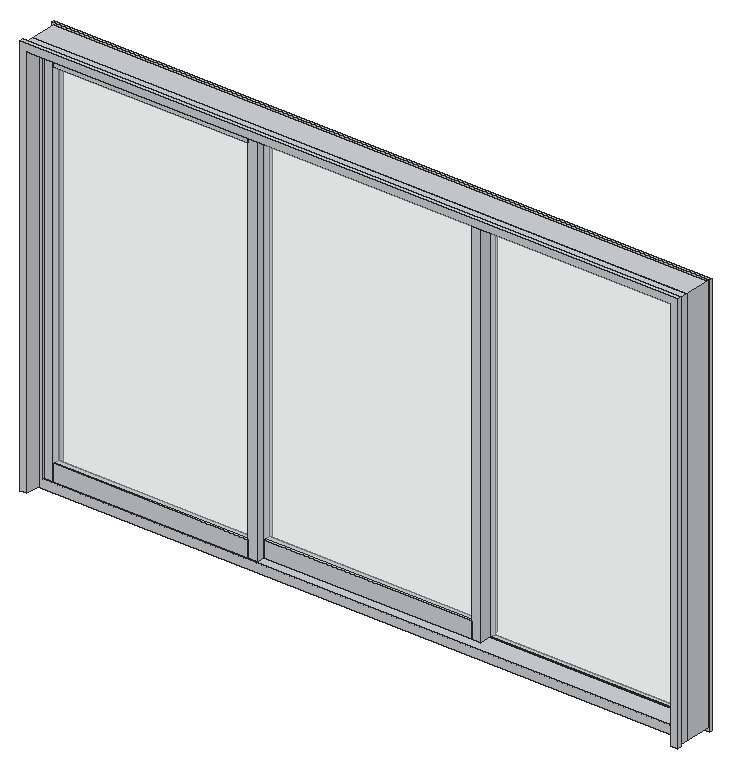
Revit family "APL Residential Thermal Heart Sliding Door SSF", category Doors, host Wall, Revit 2017 (continued)
Definition of nested family "APL Residential Thermal Heart Sliding Door SSF Vertical Section"
  Definition of nested family "Three Panel Sill"
    Lines and regions (mm)
      detail lines, in view "Ref. Level"
        curve 57: line (3.003, 75.8, 0) -> (3.003, 81.6, 0)
        curve 58: line (15.003, 81.6, 0) -> (3.503, 81.6, 0)
        curve 59: line (3.503, 81.6, 0) -> (3.003, 81.6, 0)
        curve 60: line (3.003, 81.6, 0) -> (3.003, 85.1, 0)
        curve 61: line (3.003, 85.1, 0) -> (4.003, 85.1, 0)
        curve 62: line (4.003, 85.1, 0) -> (4.003, 81.6, 0)
        curve 63: line (14.503, 81.6, 0) -> (14.503, 85.1, 0)
        curve 64: line (14.503, 85.1, 0) -> (15.503, 85.1, 0)
        curve 65: line (15.503, 85.1, 0) -> (15.503, 81.6, 0)
        curve 66: line (14.453, 84.69, 0) -> (14.453, 81.6, 0)
        curve 67: line (4.053, 84.69, 0) -> (4.053, 81.6, 0)
        curve 68: line (5.053, 81.6, 0) -> (5.053, 84.49, 0)
        curve 69: line (5.053, 84.49, 0) -> (5.053, 85.031, 0)
        curve 70: line (13.453, 81.6, 0) -> (13.453, 84.49, 0)
        curve 71: line (13.453, 84.49, 0) -> (13.453, 85.031, 0)
        curve 72: line (4.053, 84.69, 0) -> (4.053, 84.938, 0)
        curve 73: line (14.453, 84.69, 0) -> (14.453, 84.938, 0)
        curve 74: line (8.802, 56.231, 0) -> (8.694, 57.549, 0)
        curve 75: line (8.417, 60.937, 0) -> (8.309, 62.255, 0)
        curve 76: line (9.704, 62.37, 0) -> (9.812, 61.052, 0)
        curve 77: line (10.09, 57.663, 0) -> (10.198, 56.345, 0)
        curve 78: line (1.903, 80.3, 0) -> (1.903, 85.3, 0)
        curve 79: line (2.903, 86.3, 0) -> (15.603, 86.3, 0)
        curve 80: line (16.603, 85.3, 0) -> (16.603, 80.3, 0)
        curve 81: line (16.603, 80.3, 0) -> (15.603, 80.3, 0)
        curve 82: line (15.603, 80.3, 0) -> (15.603, 85, 0)
        curve 83: line (15.303, 85.3, 0) -> (3.203, 85.3, 0)
        curve 84: line (2.903, 85, 0) -> (2.903, 80.3, 0)
        curve 85: line (2.903, 80.3, 0) -> (1.903, 80.3, 0)
        curve 86: line (1.903, 80.3, 0) -> (1.903, 78.3, 0)
        curve 87: line (1.903, 78.3, 0) -> (1.903, 75.8, 0)
        curve 88: line (15.603, 80.3, 0) -> (15.603, 78.3, 0)
        curve 89: line (15.603, 78.3, 0) -> (16.603, 78.3, 0)
        curve 90: line (16.603, 78.3, 0) -> (16.603, 80.3, 0)
        curve 91: line (2.903, 80.3, 0) -> (2.903, 78.3, 0)
        curve 92: line (2.903, 78.3, 0) -> (1.903, 78.3, 0)
        curve 93: line (2.003, 51.3, 0) -> (16.603, 51.3, 0)
        curve 94: line (16.603, 51.3, 0) -> (16.603, 75.8, 0)
        curve 95: line (16.603, 75.8, 0) -> (2.003, 75.8, 0)
        curve 96: line (2.003, 75.8, 0) -> (2.003, 51.3, 0)
        curve 97: line (1.903, 51.3, 0) -> (1.903, 75.8, 0)
        curve 98: line (2.903, 78.3, 0) -> (2.903, 75.8, 0)
        curve 99: line (16.603, 78.3, 0) -> (16.603, 75.8, 0)
        curve 100: line (15.603, 78.3, 0) -> (15.603, 75.8, 0)
        curve 101: line (16.603, 74.8, 0) -> (17.703, 74.8, 0)
        curve 102: line (17.703, 74.8, 0) -> (17.703, 61.8, 0)
        curve 103: line (17.703, 61.8, 0) -> (16.603, 61.8, 0)
        curve 104: line (1.903, 61.8, 0) -> (0.803, 61.8, 0)
        curve 105: line (0.803, 61.8, 0) -> (0.803, 74.8, 0)
        curve 106: line (0.803, 74.8, 0) -> (1.903, 74.8, 0)
        curve 107: line (15.003, 51.3, 0) -> (15.003, 51.1, 0)
        curve 108: line (3.503, 51.1, 0) -> (3.503, 51.3, 0)
        curve 109: line (3.503, 75.8, 0) -> (3.503, 81.6, 0)
        curve 110: line (7.678, 43.404, 0) -> (7.678, 51.1, 0)
        curve 111: line (7.678, 81.6, 0) -> (7.678, 82.796, 0)
        curve 112: line (10.828, 82.796, 0) -> (10.828, 81.6, 0)
        curve 113: line (10.828, 51.1, 0) -> (10.828, 43.404, 0)
        curve 114: line (12.208, 60.245, 0) -> (13.526, 60.353, 0)
        curve 115: line (13.64, 58.957, 0) -> (12.323, 58.849, 0)
        curve 116: line (6.298, 58.356, 0) -> (4.981, 58.248, 0)
        curve 117: line (4.867, 59.643, 0) -> (6.184, 59.751, 0)
        curve 118: line (6.184, 59.751, 0) -> (7.502, 59.859, 0)
        curve 119: line (10.89, 60.137, 0) -> (12.208, 60.245, 0)
        curve 120: line (12.323, 58.849, 0) -> (11.005, 58.741, 0)
        curve 121: line (7.616, 58.464, 0) -> (6.298, 58.356, 0)
        curve 122: arc (6.298, 58.356, 0) -> (7.246, 56.935, 0) -> (8.802, 56.231, 0) r 3.102
        curve 123: arc (12.208, 60.245, 0) -> (11.261, 61.666, 0) -> (9.704, 62.37, 0) r 3.102
        curve 247: arc (-46.248, 44.356, 0) -> (-46.558, 44.496, 0) -> (-46.72, 44.197, 0) r 0.25
        curve 248: arc (-46.694, 34.309, 0) -> (-46.531, 34.01, 0) -> (-46.221, 34.15, 0) r 0.25
        curve 249: line (-46.72, 44.197, 0) -> (-45.726, 40.329, 0)
        curve 250: line (-45.726, 40.329, 0) -> (-46.729, 39.75, 0)
        curve 251: line (-46.729, 39.75, 0) -> (-46.729, 38.75, 0)
        curve 252: line (-46.729, 38.75, 0) -> (-45.704, 38.158, 0)
        curve 253: line (-45.704, 38.158, 0) -> (-46.694, 34.309, 0)
        curve 254: line (-46.221, 34.15, 0) -> (-44.497, 38.25, 0)
        curve 255: line (-44.497, 38.25, 0) -> (-43.229, 38.25, 0)
        curve 256: line (-43.229, 38.25, 0) -> (-43.229, 37, 0)
        curve 257: line (-43.229, 37, 0) -> (-42.229, 37, 0)
        curve 258: line (-42.229, 37, 0) -> (-42.229, 41.5, 0)
        curve 259: line (-42.229, 41.5, 0) -> (-43.229, 41.5, 0)
        curve 260: line (-43.229, 41.5, 0) -> (-43.229, 40.25, 0)
        curve 261: line (-43.229, 40.25, 0) -> (-44.521, 40.25, 0)
        curve 262: line (-44.521, 40.25, 0) -> (-46.248, 44.356, 0)
        curve 279: line (33.521, 34.861, 0) -> (27.771, 36.401, 0)
        curve 280: line (29.232, 36.01, 0) -> (33.521, 36.01, 0)
        curve 281: line (27.771, 36.85, 0) -> (33.521, 36.85, 0)
        curve 282: line (27.771, 37.69, 0) -> (33.521, 37.69, 0)
        curve 283: line (27.771, 38.61, 0) -> (33.521, 38.61, 0)
        curve 284: line (27.771, 39.45, 0) -> (33.521, 39.45, 0)
        curve 285: line (29.232, 40.29, 0) -> (33.521, 40.29, 0)
        curve 286: line (27.771, 39.899, 0) -> (33.521, 41.439, 0)
        curve 287: line (27.521, 34.7, 0) -> (27.521, 41.6, 0)
        curve 288: line (27.771, 41.6, 0) -> (27.771, 34.7, 0)
        curve 289: line (27.771, 34.7, 0) -> (27.271, 34.7, 0)
        curve 290: line (27.271, 34.7, 0) -> (27.271, 41.6, 0)
        curve 291: line (27.271, 41.6, 0) -> (27.771, 41.6, 0)
        curve 305: arc (62.603, 58.8, 0) -> (63.381, 59.122, 0) -> (63.703, 59.9, 0) r 1.1
        curve 306: arc (46.803, 59.899, 0) -> (47.126, 59.122, 0) -> (47.903, 58.8, 0) r 1.1
        curve 307: arc (63.703, 76.7, 0) -> (63.381, 77.478, 0) -> (62.603, 77.8, 0) r 1.1
        curve 308: arc (47.903, 77.8, 0) -> (47.125, 77.477, 0) -> (46.803, 76.699, 0) r 1.1
        curve 309: arc (62.603, 58.799, 0) -> (63.382, 59.121, 0) -> (63.703, 59.9, 0) r 1.1
        curve 310: arc (63.703, 76.702, 0) -> (63.381, 77.479, 0) -> (62.603, 77.802, 0) r 1.1
        curve 311: arc (53.678, 82.796, 0) -> (52.666, 82.818, 0) -> (52.153, 81.945, 0) r 1
        curve 312: arc (52.153, 44.255, 0) -> (52.666, 43.382, 0) -> (53.678, 43.404, 0) r 1
        curve 313: arc (58.353, 81.945, 0) -> (57.841, 82.818, 0) -> (56.828, 82.796, 0) r 1
        curve 314: arc (56.828, 43.404, 0) -> (57.841, 43.382, 0) -> (58.353, 44.255, 0) r 1
        curve 315: arc (53.678, 82.796, 0) -> (55.253, 82.35, 0) -> (56.828, 82.796, 0) r 3
        curve 316: arc (56.828, 43.404, 0) -> (55.253, 43.851, 0) -> (53.678, 43.404, 0) r 3
        curve 317: arc (51.253, 51, 0) -> (51.546, 50.293, 0) -> (52.253, 50, 0) r 1
        curve 318: arc (58.253, 50, 0) -> (58.96, 50.293, 0) -> (59.253, 51, 0) r 1
        curve 319: arc (60.453, 84.69, 0) -> (59.952, 84.595, 0) -> (59.453, 84.49, 0) r 26
        curve 320: arc (51.053, 84.49, 0) -> (50.554, 84.595, 0) -> (50.053, 84.69, 0) r 26
        curve 321: arc (51.053, 85.031, 0) -> (50.554, 85.062, 0) -> (50.053, 85.085, 0) r 26
        curve 322: arc (60.453, 85.085, 0) -> (59.953, 85.062, 0) -> (59.453, 85.031, 0) r 26
        curve 323: line (53.616, 58.464, 0) -> (54.694, 57.549, 0)
        curve 324: arc (54.309, 62.255, 0) -> (52.888, 61.307, 0) -> (52.184, 59.751, 0) r 3.102
        curve 325: line (53.502, 59.859, 0) -> (54.417, 60.937, 0)
        curve 326: line (56.89, 60.137, 0) -> (55.812, 61.052, 0)
        curve 327: arc (56.198, 56.345, 0) -> (57.619, 57.293, 0) -> (58.323, 58.849, 0) r 3.102
        curve 328: line (57.005, 58.741, 0) -> (56.09, 57.663, 0)
        curve 329: circle (55.253, 59.3, 0) r 4.4 normal (0, 0, 1)
        curve 330: arc (55.596, 63.684, 0) -> (54.894, 63.683, 0) -> (54.201, 63.57, 0) r 4.397
        curve 331: arc (54.91, 54.916, 0) -> (55.612, 54.918, 0) -> (56.305, 55.031, 0) r 4.397
        curve 332: line (54.309, 62.255, 0) -> (54.201, 63.57, 0)
        curve 333: line (55.596, 63.684, 0) -> (55.704, 62.37, 0)
        curve 334: line (56.198, 56.345, 0) -> (56.305, 55.031, 0)
        curve 335: line (54.91, 54.916, 0) -> (54.802, 56.231, 0)
        curve 336: arc (48.903, 86.3, 0) -> (48.196, 86.007, 0) -> (47.903, 85.3, 0) r 1
        curve 337: arc (62.603, 85.3, 0) -> (62.31, 86.007, 0) -> (61.603, 86.3, 0) r 1
        curve 338: arc (61.603, 85, 0) -> (61.515, 85.212, 0) -> (61.303, 85.3, 0) r 0.3
        curve 339: arc (49.203, 85.3, 0) -> (48.991, 85.212, 0) -> (48.903, 85, 0) r 0.3
        curve 340: line (63.703, 59.9, 0) -> (63.703, 61.8, 0)
        curve 341: line (46.803, 61.8, 0) -> (46.803, 59.899, 0)
        curve 342: line (63.703, 74.8, 0) -> (63.703, 76.7, 0)
        curve 343: line (46.803, 76.699, 0) -> (46.803, 74.8, 0)
        curve 344: line (63.703, 59.9, 0) -> (63.703, 61.8, 0)
        curve 345: line (46.803, 76.699, 0) -> (46.803, 74.8, 0)
        curve 346: line (52.153, 44.255, 0) -> (52.153, 51.1, 0)
        curve 347: line (52.153, 81.6, 0) -> (52.153, 81.945, 0)
        curve 348: line (58.353, 81.6, 0) -> (58.353, 81.945, 0)
        curve 349: line (58.353, 44.255, 0) -> (58.353, 51.1, 0)
        curve 350: line (46.803, 66.09, 0) -> (46.503, 66.09, 0)
        curve 351: line (46.503, 66.09, 0) -> (46.503, 60.11, 0)
        curve 352: line (46.503, 60.11, 0) -> (46.803, 60.11, 0)
        curve 353: line (49.003, 51.3, 0) -> (49.003, 51.1, 0)
        curve 354: line (49.003, 51.1, 0) -> (49.503, 51.1, 0)
        curve 355: line (49.503, 51.1, 0) -> (61.003, 51.1, 0)
        curve 356: line (61.003, 51.1, 0) -> (61.503, 51.1, 0)
        curve 357: line (61.503, 51.1, 0) -> (61.503, 51.3, 0)
        curve 358: line (61.503, 75.8, 0) -> (61.503, 81.6, 0)
        curve 359: line (61.503, 81.6, 0) -> (61.003, 81.6, 0)
        curve 360: line (61.003, 81.6, 0) -> (61.003, 75.8, 0)
        curve 361: line (49.003, 75.8, 0) -> (49.003, 81.6, 0)
        curve 362: line (61.003, 81.6, 0) -> (49.503, 81.6, 0)
        curve 363: line (49.503, 81.6, 0) -> (49.003, 81.6, 0)
        curve 364: line (49.003, 81.6, 0) -> (49.003, 85.1, 0)
        curve 365: line (49.003, 85.1, 0) -> (50.003, 85.1, 0)
        curve 366: line (50.003, 85.1, 0) -> (50.003, 81.6, 0)
        curve 367: line (60.503, 81.6, 0) -> (60.503, 85.1, 0)
        curve 368: line (60.503, 85.1, 0) -> (61.503, 85.1, 0)
        curve 369: line (61.503, 85.1, 0) -> (61.503, 81.6, 0)
        curve 370: line (60.453, 84.69, 0) -> (60.453, 81.6, 0)
        curve 371: line (50.053, 84.69, 0) -> (50.053, 81.6, 0)
        curve 372: line (51.053, 81.6, 0) -> (51.053, 84.49, 0)
        curve 373: line (51.053, 84.49, 0) -> (51.053, 85.031, 0)
        curve 374: line (59.453, 81.6, 0) -> (59.453, 84.49, 0)
        curve 375: line (59.453, 84.49, 0) -> (59.453, 85.031, 0)
        curve 376: line (50.053, 84.69, 0) -> (50.053, 84.938, 0)
        curve 377: line (60.453, 84.69, 0) -> (60.453, 84.938, 0)
        curve 378: line (54.802, 56.231, 0) -> (54.694, 57.549, 0)
        curve 379: line (54.417, 60.937, 0) -> (54.309, 62.255, 0)
        curve 380: line (55.704, 62.37, 0) -> (55.812, 61.052, 0)
        curve 381: line (56.09, 57.663, 0) -> (56.198, 56.345, 0)
        curve 382: line (47.903, 80.3, 0) -> (47.903, 85.3, 0)
        curve 383: line (48.903, 86.3, 0) -> (61.603, 86.3, 0)
        curve 384: line (62.603, 85.3, 0) -> (62.603, 80.3, 0)
        curve 385: line (62.603, 80.3, 0) -> (61.603, 80.3, 0)
        curve 386: line (61.603, 80.3, 0) -> (61.603, 85, 0)
        curve 387: line (61.303, 85.3, 0) -> (49.203, 85.3, 0)
        curve 388: line (48.903, 85, 0) -> (48.903, 80.3, 0)
        curve 389: line (48.903, 80.3, 0) -> (47.903, 80.3, 0)
        curve 390: line (47.903, 80.3, 0) -> (47.903, 78.3, 0)
        curve 391: line (47.903, 78.3, 0) -> (47.903, 75.8, 0)
        curve 392: line (61.603, 80.3, 0) -> (61.603, 78.3, 0)
        curve 393: line (61.603, 78.3, 0) -> (62.603, 78.3, 0)
        curve 394: line (62.603, 78.3, 0) -> (62.603, 80.3, 0)
        curve 395: line (48.903, 80.3, 0) -> (48.903, 78.3, 0)
        curve 396: line (48.903, 78.3, 0) -> (47.903, 78.3, 0)
        curve 397: line (48.003, 51.3, 0) -> (62.603, 51.3, 0)
        curve 398: line (62.603, 51.3, 0) -> (62.603, 75.8, 0)
        curve 399: line (62.603, 75.8, 0) -> (48.003, 75.8, 0)
        curve 400: line (48.003, 75.8, 0) -> (48.003, 51.3, 0)
        curve 401: line (47.903, 51.3, 0) -> (47.903, 75.8, 0)
        curve 402: line (48.903, 78.3, 0) -> (48.903, 75.8, 0)
        curve 403: line (62.603, 78.3, 0) -> (62.603, 75.8, 0)
        curve 404: line (61.603, 78.3, 0) -> (61.603, 75.8, 0)
        curve 405: line (62.603, 74.8, 0) -> (63.703, 74.8, 0)
        curve 406: line (63.703, 74.8, 0) -> (63.703, 61.8, 0)
        curve 407: line (63.703, 61.8, 0) -> (62.603, 61.8, 0)
        curve 408: line (47.903, 61.8, 0) -> (46.803, 61.8, 0)
        curve 409: line (46.803, 61.8, 0) -> (46.803, 74.8, 0)
        curve 410: line (46.803, 74.8, 0) -> (47.903, 74.8, 0)
        curve 411: line (61.003, 51.3, 0) -> (61.003, 51.1, 0)
        curve 412: line (49.503, 51.1, 0) -> (49.503, 51.3, 0)
        curve 413: line (49.503, 75.8, 0) -> (49.503, 81.6, 0)
        curve 414: line (53.678, 43.404, 0) -> (53.678, 51.1, 0)
        curve 415: line (53.678, 81.6, 0) -> (53.678, 82.796, 0)
        curve 416: line (56.828, 82.796, 0) -> (56.828, 81.6, 0)
        curve 417: line (56.828, 51.1, 0) -> (56.828, 43.404, 0)
        curve 418: line (58.208, 60.245, 0) -> (59.526, 60.353, 0)
        curve 419: line (59.64, 58.957, 0) -> (58.323, 58.849, 0)
        curve 420: line (52.298, 58.356, 0) -> (50.981, 58.248, 0)
        curve 421: line (50.867, 59.643, 0) -> (52.184, 59.751, 0)
        curve 422: line (52.184, 59.751, 0) -> (53.502, 59.859, 0)
        curve 423: line (56.89, 60.137, 0) -> (58.208, 60.245, 0)
        curve 424: line (58.323, 58.849, 0) -> (57.005, 58.741, 0)
        curve 425: line (53.616, 58.464, 0) -> (52.298, 58.356, 0)
        curve 426: arc (52.298, 58.356, 0) -> (53.246, 56.935, 0) -> (54.802, 56.231, 0) r 3.102
        curve 427: arc (58.208, 60.245, 0) -> (57.261, 61.666, 0) -> (55.704, 62.37, 0) r 3.102
        curve 428: line (65.821, 34.861, 0) -> (71.571, 36.401, 0)
        curve 429: line (70.11, 36.01, 0) -> (65.821, 36.01, 0)
        curve 430: line (71.571, 36.85, 0) -> (65.821, 36.85, 0)
        curve 431: line (71.571, 37.69, 0) -> (65.821, 37.69, 0)
        curve 432: line (71.571, 38.61, 0) -> (65.821, 38.61, 0)
        curve 433: line (71.571, 39.45, 0) -> (65.821, 39.45, 0)
        curve 434: line (70.11, 40.29, 0) -> (65.821, 40.29, 0)
        curve 435: line (71.571, 39.899, 0) -> (65.821, 41.439, 0)
        curve 436: line (71.821, 34.7, 0) -> (71.821, 41.6, 0)
        curve 437: line (71.571, 41.6, 0) -> (71.571, 34.7, 0)
        curve 438: line (71.571, 34.7, 0) -> (72.071, 34.7, 0)
        curve 439: line (72.071, 34.7, 0) -> (72.071, 41.6, 0)
        curve 440: line (72.071, 41.6, 0) -> (71.571, 41.6, 0)
        curve 441: line (19.421, 34.861, 0) -> (25.171, 36.401, 0)
        curve 442: line (23.71, 36.01, 0) -> (19.421, 36.01, 0)
        curve 443: line (25.171, 36.85, 0) -> (19.421, 36.85, 0)
        curve 444: line (25.171, 37.69, 0) -> (19.421, 37.69, 0)
        curve 445: line (25.171, 38.61, 0) -> (19.421, 38.61, 0)
        curve 446: line (25.171, 39.45, 0) -> (19.421, 39.45, 0)
        curve 447: line (23.71, 40.29, 0) -> (19.421, 40.29, 0)
        curve 448: line (25.171, 39.899, 0) -> (19.421, 41.439, 0)
        curve 449: line (25.421, 34.7, 0) -> (25.421, 41.6, 0)
        curve 450: line (25.171, 41.6, 0) -> (25.171, 34.7, 0)
        curve 451: line (25.171, 34.7, 0) -> (25.671, 34.7, 0)
        curve 452: line (25.671, 34.7, 0) -> (25.671, 41.6, 0)
        curve 453: line (25.671, 41.6, 0) -> (25.171, 41.6, 0)
        curve 454: line (-12.879, 34.861, 0) -> (-18.629, 36.401, 0)
        curve 455: line (-17.168, 36.01, 0) -> (-12.879, 36.01, 0)
        curve 456: line (-18.629, 36.85, 0) -> (-12.879, 36.85, 0)
        curve 457: line (-18.629, 37.69, 0) -> (-12.879, 37.69, 0)
        curve 458: line (-18.629, 38.61, 0) -> (-12.879, 38.61, 0)
        curve 459: line (-18.629, 39.45, 0) -> (-12.879, 39.45, 0)
        curve 460: line (-17.168, 40.29, 0) -> (-12.879, 40.29, 0)
        curve 461: line (-18.629, 39.899, 0) -> (-12.879, 41.439, 0)
        curve 462: line (-18.879, 34.7, 0) -> (-18.879, 41.6, 0)
        curve 463: line (-18.629, 41.6, 0) -> (-18.629, 34.7, 0)
        curve 464: line (-18.629, 34.7, 0) -> (-19.129, 34.7, 0)
        curve 465: line (-19.129, 34.7, 0) -> (-19.129, 41.6, 0)
        curve 466: line (-19.129, 41.6, 0) -> (-18.629, 41.6, 0)
      detail lines, in view "Ref. Level", not visible
        curve 124: arc (16.603, 57.797, 0) -> (17.381, 58.12, 0) -> (17.703, 58.897, 0) r 1.1
        curve 125: arc (0.803, 58.896, 0) -> (1.126, 58.119, 0) -> (1.903, 57.797, 0) r 1.1
        curve 126: arc (17.703, 75.697, 0) -> (17.381, 76.475, 0) -> (16.603, 76.797, 0) r 1.1
        curve 127: arc (1.903, 76.797, 0) -> (1.125, 76.475, 0) -> (0.803, 75.696, 0) r 1.1
        curve 128: arc (16.603, 57.796, 0) -> (17.382, 58.119, 0) -> (17.703, 58.897, 0) r 1.1
        curve 129: arc (17.703, 75.699, 0) -> (17.381, 76.477, 0) -> (16.603, 76.799, 0) r 1.1
        curve 130: arc (7.678, 81.793, 0) -> (6.666, 81.816, 0) -> (6.153, 80.942, 0) r 1
        curve 131: arc (6.153, 43.252, 0) -> (6.666, 42.379, 0) -> (7.678, 42.401, 0) r 1
        curve 132: arc (12.353, 80.942, 0) -> (11.841, 81.816, 0) -> (10.828, 81.793, 0) r 1
        curve 133: arc (10.828, 42.401, 0) -> (11.841, 42.379, 0) -> (12.353, 43.252, 0) r 1
        curve 134: arc (7.678, 81.793, 0) -> (9.253, 81.347, 0) -> (10.828, 81.793, 0) r 3
        curve 135: arc (10.828, 42.401, 0) -> (9.253, 42.848, 0) -> (7.678, 42.401, 0) r 3
        curve 136: arc (5.253, 49.997, 0) -> (5.546, 49.29, 0) -> (6.253, 48.997, 0) r 1
        curve 137: arc (12.253, 48.997, 0) -> (12.96, 49.29, 0) -> (13.253, 49.997, 0) r 1
        curve 138: arc (14.453, 83.687, 0) -> (13.952, 83.592, 0) -> (13.453, 83.487, 0) r 26
        curve 139: arc (5.053, 83.487, 0) -> (4.554, 83.592, 0) -> (4.053, 83.687, 0) r 26
        curve 140: arc (5.053, 84.028, 0) -> (4.554, 84.06, 0) -> (4.053, 84.082, 0) r 26
        curve 141: arc (14.453, 84.082, 0) -> (13.953, 84.06, 0) -> (13.453, 84.028, 0) r 26
        curve 142: line (7.616, 57.461, 0) -> (8.694, 56.546, 0)
        curve 143: arc (8.309, 61.253, 0) -> (6.888, 60.305, 0) -> (6.184, 58.748, 0) r 3.102
        curve 144: line (7.502, 58.856, 0) -> (8.417, 59.935, 0)
        curve 145: line (10.89, 59.134, 0) -> (9.812, 60.049, 0)
        curve 146: arc (10.198, 55.342, 0) -> (11.619, 56.29, 0) -> (12.323, 57.847, 0) r 3.102
        curve 147: line (11.005, 57.739, 0) -> (10.09, 56.66, 0)
        curve 148: circle (9.253, 58.297, 0) r 4.4 normal (0, 0, 1)
        curve 149: arc (9.596, 62.681, 0) -> (8.894, 62.68, 0) -> (8.201, 62.567, 0) r 4.397
        curve 150: arc (8.91, 53.914, 0) -> (9.612, 53.915, 0) -> (10.305, 54.028, 0) r 4.397
        curve 151: line (8.309, 61.253, 0) -> (8.201, 62.567, 0)
        curve 152: line (9.596, 62.681, 0) -> (9.704, 61.367, 0)
        curve 153: line (10.198, 55.342, 0) -> (10.305, 54.028, 0)
        curve 154: line (8.91, 53.914, 0) -> (8.802, 55.228, 0)
        curve 155: arc (2.903, 85.297, 0) -> (2.196, 85.004, 0) -> (1.903, 84.297, 0) r 1
        curve 156: arc (16.603, 84.297, 0) -> (16.31, 85.004, 0) -> (15.603, 85.297, 0) r 1
        curve 157: arc (15.603, 83.997, 0) -> (15.515, 84.209, 0) -> (15.303, 84.297, 0) r 0.3
        curve 158: arc (3.203, 84.297, 0) -> (2.991, 84.209, 0) -> (2.903, 83.997, 0) r 0.3
        curve 159: line (17.703, 58.897, 0) -> (17.703, 60.797, 0)
        curve 160: line (0.803, 60.797, 0) -> (0.803, 58.896, 0)
        curve 161: line (17.703, 73.797, 0) -> (17.703, 75.697, 0)
        curve 162: line (0.803, 75.696, 0) -> (0.803, 73.797, 0)
        curve 163: line (17.703, 58.897, 0) -> (17.703, 60.797, 0)
        curve 164: line (0.803, 75.696, 0) -> (0.803, 73.797, 0)
        curve 165: line (6.153, 43.252, 0) -> (6.153, 50.097, 0)
        curve 166: line (6.153, 80.597, 0) -> (6.153, 80.942, 0)
        curve 167: line (12.353, 80.597, 0) -> (12.353, 80.942, 0)
        curve 168: line (12.353, 43.252, 0) -> (12.353, 50.097, 0)
        curve 169: line (0.803, 65.087, 0) -> (0.503, 65.087, 0)
        curve 170: line (0.503, 65.087, 0) -> (0.503, 59.107, 0)
        curve 171: line (0.503, 59.107, 0) -> (0.803, 59.107, 0)
        curve 172: line (3.003, 50.297, 0) -> (3.003, 50.097, 0)
        curve 173: line (3.003, 50.097, 0) -> (3.503, 50.097, 0)
        curve 174: line (3.503, 50.097, 0) -> (15.003, 50.097, 0)
        curve 175: line (15.003, 50.097, 0) -> (15.503, 50.097, 0)
        curve 176: line (15.503, 50.097, 0) -> (15.503, 50.297, 0)
        curve 177: line (15.503, 74.797, 0) -> (15.503, 80.597, 0)
        curve 178: line (15.503, 80.597, 0) -> (15.003, 80.597, 0)
        curve 179: line (15.003, 80.597, 0) -> (15.003, 74.797, 0)
        curve 180: line (3.003, 74.797, 0) -> (3.003, 80.597, 0)
        curve 181: line (15.003, 80.597, 0) -> (3.503, 80.597, 0)
        curve 182: line (3.503, 80.597, 0) -> (3.003, 80.597, 0)
        curve 183: line (3.003, 80.597, 0) -> (3.003, 84.097, 0)
        curve 184: line (3.003, 84.097, 0) -> (4.003, 84.097, 0)
        curve 185: line (4.003, 84.097, 0) -> (4.003, 80.597, 0)
        curve 186: line (14.503, 80.597, 0) -> (14.503, 84.097, 0)
        curve 187: line (14.503, 84.097, 0) -> (15.503, 84.097, 0)
        curve 188: line (15.503, 84.097, 0) -> (15.503, 80.597, 0)
        curve 189: line (14.453, 83.687, 0) -> (14.453, 80.597, 0)
        curve 190: line (4.053, 83.687, 0) -> (4.053, 80.597, 0)
        curve 191: line (5.053, 80.597, 0) -> (5.053, 83.487, 0)
        curve 192: line (5.053, 83.487, 0) -> (5.053, 84.028, 0)
        curve 193: line (13.453, 80.597, 0) -> (13.453, 83.487, 0)
        curve 194: line (13.453, 83.487, 0) -> (13.453, 84.028, 0)
        curve 195: line (4.053, 83.687, 0) -> (4.053, 83.935, 0)
        curve 196: line (14.453, 83.687, 0) -> (14.453, 83.935, 0)
        curve 197: line (8.802, 55.228, 0) -> (8.694, 56.546, 0)
        curve 198: line (8.417, 59.935, 0) -> (8.309, 61.253, 0)
        curve 199: line (9.704, 61.367, 0) -> (9.812, 60.049, 0)
        curve 200: line (10.09, 56.66, 0) -> (10.198, 55.342, 0)
        curve 201: line (1.903, 79.297, 0) -> (1.903, 84.297, 0)
        curve 202: line (2.903, 85.297, 0) -> (15.603, 85.297, 0)
        curve 203: line (16.603, 84.297, 0) -> (16.603, 79.297, 0)
        curve 204: line (16.603, 79.297, 0) -> (15.603, 79.297, 0)
        curve 205: line (15.603, 79.297, 0) -> (15.603, 83.997, 0)
        curve 206: line (15.303, 84.297, 0) -> (3.203, 84.297, 0)
        curve 207: line (2.903, 83.997, 0) -> (2.903, 79.297, 0)
        curve 208: line (2.903, 79.297, 0) -> (1.903, 79.297, 0)
        curve 209: line (1.903, 79.297, 0) -> (1.903, 77.297, 0)
        curve 210: line (1.903, 77.297, 0) -> (1.903, 74.797, 0)
        curve 211: line (15.603, 79.297, 0) -> (15.603, 77.297, 0)
        curve 212: line (15.603, 77.297, 0) -> (16.603, 77.297, 0)
        curve 213: line (16.603, 77.297, 0) -> (16.603, 79.297, 0)
        curve 214: line (2.903, 79.297, 0) -> (2.903, 77.297, 0)
        curve 215: line (2.903, 77.297, 0) -> (1.903, 77.297, 0)
        curve 216: line (2.003, 50.297, 0) -> (16.603, 50.297, 0)
        curve 217: line (16.603, 50.297, 0) -> (16.603, 74.797, 0)
        curve 218: line (16.603, 74.797, 0) -> (2.003, 74.797, 0)
        curve 219: line (2.003, 74.797, 0) -> (2.003, 50.297, 0)
        curve 220: line (1.903, 50.297, 0) -> (1.903, 74.797, 0)
        curve 221: line (2.903, 77.297, 0) -> (2.903, 74.797, 0)
        curve 222: line (16.603, 77.297, 0) -> (16.603, 74.797, 0)
        curve 223: line (15.603, 77.297, 0) -> (15.603, 74.797, 0)
        curve 224: line (16.603, 73.797, 0) -> (17.703, 73.797, 0)
        curve 225: line (17.703, 73.797, 0) -> (17.703, 60.797, 0)
        curve 226: line (17.703, 60.797, 0) -> (16.603, 60.797, 0)
        curve 227: line (1.903, 60.797, 0) -> (0.803, 60.797, 0)
        curve 228: line (0.803, 60.797, 0) -> (0.803, 73.797, 0)
        curve 229: line (0.803, 73.797, 0) -> (1.903, 73.797, 0)
        curve 230: line (15.003, 50.297, 0) -> (15.003, 50.097, 0)
        curve 231: line (3.503, 50.097, 0) -> (3.503, 50.297, 0)
        curve 232: line (3.503, 74.797, 0) -> (3.503, 80.597, 0)
        curve 233: line (7.678, 42.401, 0) -> (7.678, 50.097, 0)
        curve 234: line (7.678, 80.597, 0) -> (7.678, 81.793, 0)
        curve 235: line (10.828, 81.793, 0) -> (10.828, 80.597, 0)
        curve 236: line (10.828, 50.097, 0) -> (10.828, 42.401, 0)
        curve 237: line (12.208, 59.242, 0) -> (13.526, 59.35, 0)
        curve 238: line (13.64, 57.954, 0) -> (12.323, 57.847, 0)
        curve 239: line (6.298, 57.353, 0) -> (4.981, 57.245, 0)
        curve 240: line (4.867, 58.64, 0) -> (6.184, 58.748, 0)
        curve 241: line (6.184, 58.748, 0) -> (7.502, 58.856, 0)
        curve 242: line (10.89, 59.134, 0) -> (12.208, 59.242, 0)
        curve 243: line (12.323, 57.847, 0) -> (11.005, 57.739, 0)
        curve 244: line (7.616, 57.461, 0) -> (6.298, 57.353, 0)
        curve 245: arc (6.298, 57.353, 0) -> (7.246, 55.932, 0) -> (8.802, 55.228, 0) r 3.102
        curve 246: arc (12.208, 59.242, 0) -> (11.261, 60.663, 0) -> (9.704, 61.367, 0) r 3.102
        curve 263: arc (-46.248, 44.356, 0) -> (-46.558, 44.496, 0) -> (-46.72, 44.197, 0) r 0.25
        curve 264: arc (-46.694, 34.309, 0) -> (-46.531, 34.01, 0) -> (-46.221, 34.15, 0) r 0.25
        curve 265: line (-46.72, 44.197, 0) -> (-45.726, 40.329, 0)
        curve 266: line (-45.726, 40.329, 0) -> (-46.729, 39.75, 0)
        curve 267: line (-46.729, 39.75, 0) -> (-46.729, 38.75, 0)
        curve 268: line (-46.729, 38.75, 0) -> (-45.704, 38.158, 0)
        curve 269: line (-45.704, 38.158, 0) -> (-46.694, 34.309, 0)
        curve 270: line (-46.221, 34.15, 0) -> (-44.497, 38.25, 0)
        curve 271: line (-44.497, 38.25, 0) -> (-43.229, 38.25, 0)
        curve 272: line (-43.229, 38.25, 0) -> (-43.229, 37, 0)
        curve 273: line (-43.229, 37, 0) -> (-42.229, 37, 0)
        curve 274: line (-42.229, 37, 0) -> (-42.229, 41.5, 0)
        curve 275: line (-42.229, 41.5, 0) -> (-43.229, 41.5, 0)
        curve 276: line (-43.229, 41.5, 0) -> (-43.229, 40.25, 0)
        curve 277: line (-43.229, 40.25, 0) -> (-44.521, 40.25, 0)
        curve 278: line (-44.521, 40.25, 0) -> (-46.248, 44.356, 0)
        curve 292: line (101.764, -41.439, 0) -> (107.514, -39.899, 0)
        curve 293: line (106.053, -40.29, 0) -> (101.764, -40.29, 0)
        curve 294: line (107.514, -39.45, 0) -> (101.764, -39.45, 0)
        curve 295: line (107.514, -38.61, 0) -> (101.764, -38.61, 0)
        curve 296: line (107.514, -37.69, 0) -> (101.764, -37.69, 0)
        curve 297: line (107.514, -36.85, 0) -> (101.764, -36.85, 0)
        curve 298: line (106.053, -36.01, 0) -> (101.764, -36.01, 0)
        curve 299: line (107.514, -36.401, 0) -> (101.764, -34.861, 0)
        curve 300: line (107.764, -41.6, 0) -> (107.764, -34.7, 0)
        curve 301: line (107.514, -34.7, 0) -> (107.514, -41.6, 0)
        curve 302: line (107.514, -41.6, 0) -> (108.014, -41.6, 0)
        curve 303: line (108.014, -41.6, 0) -> (108.014, -34.7, 0)
        curve 304: line (108.014, -34.7, 0) -> (107.514, -34.7, 0)
    Dimensions and locks
      nested 1 to nested 2 = 17.8 mm
    Nested families
      nested 1: "65596_Track" at (9.171, 14.2, 0), type "65596_Track", in view "Ref. Level"
      nested 2: "65470_Door Sill Rail" at (-13.029, 33.8, 0), type "65470_Door Sill Rail", in view "Ref. Level"
      nested 3: "65390_Frame Sill" at (-87.029, 0, 0), type "65390_Frame Sill", in view "Ref. Level"
      nested 4: "65596_Track" at (55.171, 14.2, 0), type "65596_Track", in view "Ref. Level"
      nested 5: "65470_Door Sill Rail" at (32.971, 33.8, 0), type "65470_Door Sill Rail", in view "Ref. Level"
    Definition of nested family "65596_Track"
      Reference planes
        plane 1 "Center (Front/Back)": y = 0
        plane 2: z = 0
        plane 3 "Center (Left/Right)": x = 0
      Lines and regions (mm)
        detail lines, in view "Ref. Level"
          curve 1: arc (-1.2, 1.8, 0) -> (-1.059, 1.859, 0) -> (-1, 2, 0) r 0.2
          curve 2: arc (-1, 22.438, 0) -> (-1.623, 23.888, 0) -> (-3.105, 24.435, 0) r 2
          curve 3: arc (-17.186, 23.697, 0) -> (-17.523, 23.542, 0) -> (-17.66, 23.198, 0) r 0.5
          curve 4: arc (-17.66, 18.846, 0) -> (-18.14, 16.435, 0) -> (-19.505, 14.392, 0) r 6.3
          curve 5: arc (-21.85, 12.046, 0) -> (-22.77, 12.046, 0) -> (-22.77, 12.966, 0) r 0.65
          curve 6: arc (-20.424, 15.311, 0) -> (-19.341, 16.933, 0) -> (-18.96, 18.846, 0) r 5
          curve 7: arc (-18.96, 24.932, 0) -> (-18.823, 25.276, 0) -> (-18.486, 25.431, 0) r 0.5
          curve 8: arc (-2.589, 26.264, 0) -> (-2.456, 26.325, 0) -> (-2.399, 26.459, 0) r 0.2
          curve 9: arc (-2.399, 26.459, 0) -> (0, 28.8, 0) -> (2.399, 26.459, 0) r 2.4
          curve 10: arc (2.399, 26.459, 0) -> (2.456, 26.325, 0) -> (2.589, 26.264, 0) r 0.2
          curve 11: arc (6.566, 26.056, 0) -> (6.903, 25.901, 0) -> (7.04, 25.557, 0) r 0.5
          curve 12: arc (7.04, 18.846, 0) -> (7.421, 16.933, 0) -> (8.504, 15.311, 0) r 5
          curve 13: arc (10.85, 12.966, 0) -> (10.85, 12.046, 0) -> (9.93, 12.046, 0) r 0.65
          curve 14: arc (7.585, 14.392, 0) -> (6.22, 16.435, 0) -> (5.74, 18.846, 0) r 6.3
          curve 15: arc (5.74, 23.822, 0) -> (5.603, 24.166, 0) -> (5.266, 24.322, 0) r 0.5
          curve 16: arc (3.105, 24.435, 0) -> (1.623, 23.888, 0) -> (1, 22.438, 0) r 2
          curve 17: arc (1, 2, 0) -> (1.059, 1.859, 0) -> (1.2, 1.8, 0) r 0.2
          curve 18: arc (10.59, 0, 0) -> (10.449, 0.059, 0) -> (10.39, 0.2, 0) r 0.2
          curve 19: arc (10.39, 1.6, 0) -> (10.331, 1.741, 0) -> (10.19, 1.8, 0) r 0.2
          curve 20: arc (-8.81, 1.8, 0) -> (-8.951, 1.741, 0) -> (-9.01, 1.6, 0) r 0.2
          curve 21: arc (-9.01, -1.3, 0) -> (-8.951, -1.441, 0) -> (-8.81, -1.5, 0) r 0.2
          curve 22: arc (-7.41, -1.5, 0) -> (-7.269, -1.441, 0) -> (-7.21, -1.3, 0) r 0.2
          curve 23: arc (-7.21, -0.2, 0) -> (-7.151, -0.059, 0) -> (-7.01, 0, 0) r 0.2
          curve 24: arc (8.715, 0, 0) -> (9.001, -0.089, 0) -> (9.185, -0.325, 0) r 0.5
          curve 25: arc (9.185, -0.325, 0) -> (9.735, -1.032, 0) -> (10.59, -1.3, 0) r 1.5
          curve 26: arc (11.89, -1.3, 0) -> (12.597, -1.007, 0) -> (12.89, -0.3, 0) r 1
          curve 27: arc (12.89, -0.2, 0) -> (12.831, -0.059, 0) -> (12.69, 0, 0) r 0.2
          curve 28: line (1, 6.8, 0) -> (-1, 6.8, 0)
          curve 29: line (-1, 2, 0) -> (-1, 22.438, 0)
          curve 30: line (-3.105, 24.435, 0) -> (-17.186, 23.697, 0)
          curve 31: line (-17.66, 23.198, 0) -> (-17.66, 18.846, 0)
          curve 32: line (-19.505, 14.392, 0) -> (-21.85, 12.046, 0)
          curve 33: line (-22.77, 12.966, 0) -> (-20.424, 15.311, 0)
          curve 34: line (-18.96, 18.846, 0) -> (-18.96, 24.932, 0)
          curve 35: line (-18.486, 25.431, 0) -> (-2.589, 26.264, 0)
          curve 36: line (2.589, 26.264, 0) -> (6.566, 26.056, 0)
          curve 37: line (7.04, 25.557, 0) -> (7.04, 18.846, 0)
          curve 38: line (8.504, 15.311, 0) -> (10.85, 12.966, 0)
          curve 39: line (9.93, 12.046, 0) -> (7.585, 14.392, 0)
          curve 40: line (5.74, 18.846, 0) -> (5.74, 23.822, 0)
          curve 41: line (5.266, 24.322, 0) -> (3.105, 24.435, 0)
          curve 42: line (1, 22.438, 0) -> (1, 2, 0)
          curve 43: line (10.39, 0.2, 0) -> (10.39, 1.6, 0)
          curve 44: line (10.19, 1.8, 0) -> (-8.81, 1.8, 0)
          curve 45: line (-9.01, 1.6, 0) -> (-9.01, -1.3, 0)
          curve 46: line (-8.81, -1.5, 0) -> (-7.41, -1.5, 0)
          curve 47: line (-7.21, -1.3, 0) -> (-7.21, -0.2, 0)
          curve 48: line (-7.01, 0, 0) -> (8.715, 0, 0)
          curve 49: line (10.59, -1.3, 0) -> (11.89, -1.3, 0)
          curve 50: line (12.69, 0, 0) -> (10.59, 0, 0)
      Text (mm)
        text "65596" at (20.379, 15.04, 0), in view "Ref. Level"
    Definition of nested family "65470_Door Sill Rail"
      Reference planes
        plane 1 "Center (Front/Back)": y = 0
        plane 2: z = 0
        plane 3 "Center (Left/Right)": x = 0
      Lines and regions (mm)
        detail lines, in view "Ref. Level"
          curve 1: arc (2.879, 58.956, 0) -> (2.804, 58.989, 0) -> (2.723, 59, 0) r 0.3
          curve 2: arc (2.202, 59, 0) -> (2.044, 58.922, 0) -> (2.008, 58.75, 0) r 0.2
          curve 3: arc (2.202, 54.747, 0) -> (2.176, 54.625, 0) -> (2.102, 54.524, 0) r 0.3
          curve 4: arc (2.102, 54.524, 0) -> (2.022, 54.193, 0) -> (2.302, 54, 0) r 0.3
          curve 5: arc (4.523, 54.543, 0) -> (4.612, 54.595, 0) -> (4.664, 54.684, 0) r 0.2
          curve 6: arc (4.709, 54.852, 0) -> (4.85, 54.993, 0) -> (5.043, 54.941, 0) r 0.2
          curve 7: arc (5.407, 54.578, 0) -> (5.467, 54.492, 0) -> (5.494, 54.392, 0) r 0.3
          curve 8: arc (5.701, 52.026, 0) -> (5.585, 51.762, 0) -> (5.299, 51.718, 0) r 0.3
          curve 9: arc (3.889, 52.231, 0) -> (3.763, 52.319, 0) -> (3.697, 52.457, 0) r 0.3
          curve 10: arc (3.697, 52.457, 0) -> (3.424, 52.699, 0) -> (3.119, 52.5, 0) r 0.3
          curve 11: arc (2.3, 52.5, 0) -> (1.946, 52.353, 0) -> (1.8, 52, 0) r 0.5
          curve 12: arc (1.8, 46.697, 0) -> (1.86, 46.557, 0) -> (2, 46.5, 0) r 0.2
          curve 13: arc (3, 46.5, 0) -> (3.141, 46.441, 0) -> (3.2, 46.3, 0) r 0.2
          curve 14: arc (3.2, 45.2, 0) -> (3.141, 45.058, 0) -> (3, 45, 0) r 0.2
          curve 15: arc (2, 45, 0) -> (1.86, 44.942, 0) -> (1.8, 44.803, 0) r 0.2
          curve 16: arc (1.8, 30.197, 0) -> (1.86, 30.057, 0) -> (2, 30, 0) r 0.2
          curve 17: arc (3, 30, 0) -> (3.141, 29.941, 0) -> (3.2, 29.8, 0) r 0.2
          curve 18: arc (3.2, 28.7, 0) -> (3.141, 28.558, 0) -> (3, 28.5, 0) r 0.2
          curve 19: arc (2, 28.5, 0) -> (1.86, 28.442, 0) -> (1.8, 28.303, 0) r 0.2
          curve 20: arc (1.8, 0.2, 0) -> (1.741, 0.059, 0) -> (1.6, 0, 0) r 0.2
          curve 21: arc (0.5, 0, 0) -> (0.146, 0.146, 0) -> (0, 0.5, 0) r 0.5
          curve 22: arc (0, 99.8, 0) -> (0.059, 99.942, 0) -> (0.2, 100, 0) r 0.2
          curve 23: arc (3.002, 100, 0) -> (3.143, 99.942, 0) -> (3.202, 99.8, 0) r 0.2
          curve 24: arc (3.202, 98.37, 0) -> (3.143, 98.229, 0) -> (3.002, 98.17, 0) r 0.2
          curve 25: arc (2.402, 98.17, 0) -> (2.261, 98.229, 0) -> (2.202, 98.37, 0) r 0.2
          curve 26: arc (2.202, 98.72, 0) -> (2.143, 98.862, 0) -> (2.002, 98.92, 0) r 0.2
          curve 27: arc (1.402, 98.92, 0) -> (1.261, 98.862, 0) -> (1.202, 98.72, 0) r 0.2
          curve 28: arc (1.202, 95.62, 0) -> (1.261, 95.479, 0) -> (1.402, 95.42, 0) r 0.2
          curve 29: arc (2.002, 95.42, 0) -> (2.143, 95.479, 0) -> (2.202, 95.62, 0) r 0.2
          curve 30: arc (2.202, 95.97, 0) -> (2.261, 96.112, 0) -> (2.402, 96.17, 0) r 0.2
          curve 31: arc (3.002, 96.17, 0) -> (3.143, 96.112, 0) -> (3.202, 95.97, 0) r 0.2
          curve 32: arc (3.202, 92.87, 0) -> (3.143, 92.729, 0) -> (3.002, 92.67, 0) r 0.2
          curve 33: arc (1.6, 92.67, 0) -> (1.459, 92.612, 0) -> (1.4, 92.47, 0) r 0.2
          curve 34: arc (1.644, 81.94, 0) -> (1.956, 81.272, 0) -> (2.642, 81, 0) r 1
          curve 35: arc (3.119, 81, 0) -> (3.424, 80.801, 0) -> (3.697, 81.044, 0) r 0.3
          curve 36: arc (3.697, 81.044, 0) -> (3.763, 81.181, 0) -> (3.889, 81.269, 0) r 0.3
          curve 37: arc (5.299, 81.782, 0) -> (5.585, 81.738, 0) -> (5.701, 81.474, 0) r 0.3
          curve 38: arc (5.494, 79.109, 0) -> (5.467, 79.008, 0) -> (5.407, 78.923, 0) r 0.3
          curve 39: arc (5.043, 78.559, 0) -> (4.85, 78.507, 0) -> (4.709, 78.649, 0) r 0.2
          curve 40: arc (4.664, 78.816, 0) -> (4.612, 78.906, 0) -> (4.523, 78.957, 0) r 0.2
          curve 41: arc (2.302, 79.5, 0) -> (2.022, 79.307, 0) -> (2.102, 78.977, 0) r 0.3
          curve 42: arc (2.102, 78.977, 0) -> (2.176, 78.876, 0) -> (2.202, 78.753, 0) r 0.3
          curve 43: arc (2.008, 74.75, 0) -> (2.044, 74.578, 0) -> (2.202, 74.5, 0) r 0.2
          curve 44: arc (2.722, 74.5, 0) -> (2.804, 74.511, 0) -> (2.879, 74.544, 0) r 0.3
          curve 45: arc (4.133, 75.309, 0) -> (4.13, 75.479, 0) -> (4.236, 75.612, 0) r 0.25
          curve 46: arc (4.322, 75.664, 0) -> (4.574, 75.668, 0) -> (4.702, 75.45, 0) r 0.25
          curve 47: arc (4.702, 73.304, 0) -> (4.676, 73.206, 0) -> (4.606, 73.133, 0) r 0.2
          curve 48: arc (2.298, 71.724, 0) -> (2.228, 71.651, 0) -> (2.202, 71.553, 0) r 0.2
          curve 49: arc (2.202, 61.825, 0) -> (2.228, 61.727, 0) -> (2.298, 61.654, 0) r 0.2
          curve 50: arc (4.606, 60.245, 0) -> (4.676, 60.172, 0) -> (4.702, 60.074, 0) r 0.2
          curve 51: arc (4.702, 58.05, 0) -> (4.575, 57.832, 0) -> (4.322, 57.837, 0) r 0.25
          curve 52: line (4.133, 58.191, 0) -> (2.879, 58.956, 0)
          curve 53: line (2.723, 59, 0) -> (2.202, 59, 0)
          curve 54: line (2.008, 58.75, 0) -> (2.202, 58, 0)
          curve 55: line (2.202, 57.975, 0) -> (2.202, 54.747, 0)
          curve 56: line (2.534, 54.01, 0) -> (4.523, 54.543, 0)
          curve 57: line (4.664, 54.684, 0) -> (4.709, 54.852, 0)
          curve 58: line (5.043, 54.941, 0) -> (5.407, 54.578, 0)
          curve 59: line (5.494, 54.392, 0) -> (5.701, 52.026, 0)
          curve 60: line (5.299, 51.718, 0) -> (3.889, 52.231, 0)
          curve 61: line (3.119, 52.5, 0) -> (2.3, 52.5, 0)
          curve 62: line (1.8, 52, 0) -> (1.8, 46.697, 0)
          curve 63: line (2, 46.5, 0) -> (3, 46.5, 0)
          curve 64: line (3.2, 46.3, 0) -> (3.2, 45.2, 0)
          curve 65: line (3, 45, 0) -> (2, 45, 0)
          curve 66: line (1.8, 44.803, 0) -> (1.8, 30.197, 0)
          curve 67: line (2, 30, 0) -> (3, 30, 0)
          curve 68: line (3.2, 29.8, 0) -> (3.2, 28.7, 0)
          curve 69: line (3, 28.5, 0) -> (2, 28.5, 0)
          curve 70: line (1.8, 28.303, 0) -> (1.8, 0.2, 0)
          curve 71: line (1.6, 0, 0) -> (0.5, 0, 0)
          curve 72: line (0, 0.5, 0) -> (0, 99.8, 0)
          curve 73: line (0.2, 100, 0) -> (3.002, 100, 0)
          curve 74: line (3.202, 99.8, 0) -> (3.202, 98.37, 0)
          curve 75: line (3.002, 98.17, 0) -> (2.402, 98.17, 0)
          curve 76: line (2.202, 98.37, 0) -> (2.202, 98.72, 0)
          curve 77: line (2.002, 98.92, 0) -> (1.402, 98.92, 0)
          curve 78: line (1.202, 98.72, 0) -> (1.202, 95.62, 0)
          curve 79: line (1.402, 95.42, 0) -> (2.002, 95.42, 0)
          curve 80: line (2.202, 95.62, 0) -> (2.202, 95.97, 0)
          curve 81: line (2.402, 96.17, 0) -> (3.002, 96.17, 0)
          curve 82: line (3.202, 95.97, 0) -> (3.202, 92.87, 0)
          curve 83: line (3.002, 92.67, 0) -> (1.6, 92.67, 0)
          curve 84: line (1.4, 92.47, 0) -> (1.4, 86, 0)
          curve 85: line (1.4, 86, 0) -> (1.644, 81.94, 0)
          curve 86: line (2.642, 81, 0) -> (3.119, 81, 0)
          curve 87: line (3.889, 81.269, 0) -> (5.299, 81.782, 0)
          curve 88: line (5.701, 81.474, 0) -> (5.494, 79.109, 0)
          curve 89: line (5.407, 78.923, 0) -> (5.043, 78.559, 0)
          curve 90: line (4.709, 78.649, 0) -> (4.664, 78.816, 0)
          curve 91: line (4.523, 78.957, 0) -> (2.534, 79.49, 0)
          curve 92: line (2.202, 78.753, 0) -> (2.202, 75.526, 0)
          curve 93: line (2.202, 75.5, 0) -> (2.008, 74.75, 0)
          curve 94: line (2.202, 74.5, 0) -> (2.722, 74.5, 0)
          curve 95: line (2.879, 74.544, 0) -> (4.133, 75.309, 0)
          curve 96: line (4.702, 75.45, 0) -> (4.702, 73.304, 0)
          curve 97: line (4.606, 73.133, 0) -> (2.298, 71.724, 0)
          curve 98: line (2.202, 71.553, 0) -> (2.202, 61.825, 0)
          curve 99: line (2.298, 61.654, 0) -> (4.606, 60.245, 0)
          curve 100: line (4.702, 60.074, 0) -> (4.702, 58.05, 0)
          curve 101: arc (4.236, 57.889, 0) -> (4.13, 58.021, 0) -> (4.133, 58.191, 0) r 0.25
          curve 102: arc (31.439, 98.795, 0) -> (31.508, 98.913, 0) -> (31.636, 98.96, 0) r 0.2
          curve 103: arc (32.901, 99.797, 0) -> (32.959, 99.94, 0) -> (33.101, 100, 0) r 0.2
          curve 104: arc (33.8, 100, 0) -> (33.941, 99.942, 0) -> (34, 99.8, 0) r 0.2
          curve 105: arc (34, 0.5, 0) -> (33.854, 0.146, 0) -> (33.5, 0, 0) r 0.5
          curve 106: arc (32.4, 0, 0) -> (32.259, 0.059, 0) -> (32.2, 0.2, 0) r 0.2
          curve 107: arc (32.2, 28.3, 0) -> (32.141, 28.441, 0) -> (32, 28.5, 0) r 0.2
          curve 108: arc (31.6, 28.5, 0) -> (31.459, 28.558, 0) -> (31.4, 28.7, 0) r 0.2
          curve 109: arc (31.4, 29.8, 0) -> (31.459, 29.941, 0) -> (31.6, 30, 0) r 0.2
          curve 110: arc (32, 30, 0) -> (32.141, 30.058, 0) -> (32.2, 30.2, 0) r 0.2
          curve 111: arc (32.2, 44.8, 0) -> (32.141, 44.941, 0) -> (32, 45, 0) r 0.2
          curve 112: arc (30.6, 45, 0) -> (30.459, 45.058, 0) -> (30.4, 45.2, 0) r 0.2
          curve 113: arc (30.4, 46.3, 0) -> (30.459, 46.441, 0) -> (30.6, 46.5, 0) r 0.2
          curve 114: arc (32, 46.5, 0) -> (32.141, 46.558, 0) -> (32.2, 46.7, 0) r 0.2
          curve 115: arc (31.601, 52.133, 0) -> (31.422, 52.398, 0) -> (31.119, 52.5, 0) r 0.5
          curve 116: arc (16.085, 52.5, 0) -> (15.78, 52.699, 0) -> (15.507, 52.457, 0) r 0.3
          curve 117: arc (15.507, 52.457, 0) -> (15.441, 52.319, 0) -> (15.315, 52.231, 0) r 0.3
          curve 118: arc (13.905, 51.718, 0) -> (13.619, 51.762, 0) -> (13.503, 52.026, 0) r 0.3
          curve 119: arc (13.71, 54.392, 0) -> (13.737, 54.492, 0) -> (13.797, 54.578, 0) r 0.3
          curve 120: arc (14.161, 54.941, 0) -> (14.354, 54.993, 0) -> (14.495, 54.852, 0) r 0.2
          curve 121: arc (14.54, 54.684, 0) -> (14.592, 54.595, 0) -> (14.681, 54.543, 0) r 0.2
          curve 122: arc (16.902, 54, 0) -> (17.182, 54.193, 0) -> (17.102, 54.524, 0) r 0.3
          curve 123: arc (17.102, 54.524, 0) -> (17.028, 54.625, 0) -> (17.002, 54.747, 0) r 0.3
          curve 124: arc (17.196, 58.75, 0) -> (17.16, 58.922, 0) -> (17.002, 59, 0) r 0.2
          curve 125: arc (16.482, 59, 0) -> (16.4, 58.989, 0) -> (16.325, 58.956, 0) r 0.3
          curve 126: arc (15.071, 58.191, 0) -> (15.074, 58.021, 0) -> (14.968, 57.889, 0) r 0.25
          curve 127: arc (14.882, 57.837, 0) -> (14.63, 57.832, 0) -> (14.502, 58.05, 0) r 0.25
          curve 128: arc (14.502, 60.196, 0) -> (14.528, 60.294, 0) -> (14.598, 60.367, 0) r 0.2
          curve 129: arc (16.906, 61.776, 0) -> (16.976, 61.849, 0) -> (17.002, 61.947, 0) r 0.2
          curve 130: arc (17.002, 71.553, 0) -> (16.976, 71.651, 0) -> (16.906, 71.724, 0) r 0.2
          curve 131: arc (14.598, 73.133, 0) -> (14.528, 73.206, 0) -> (14.502, 73.304, 0) r 0.2
          curve 132: arc (14.502, 75.45, 0) -> (14.629, 75.668, 0) -> (14.882, 75.664, 0) r 0.25
          curve 133: arc (14.968, 75.612, 0) -> (15.074, 75.479, 0) -> (15.071, 75.309, 0) r 0.25
          curve 134: arc (16.325, 74.544, 0) -> (16.4, 74.512, 0) -> (16.481, 74.5, 0) r 0.3
          curve 135: arc (17.002, 74.5, 0) -> (17.16, 74.578, 0) -> (17.196, 74.75, 0) r 0.2
          curve 136: arc (17.002, 78.753, 0) -> (17.028, 78.876, 0) -> (17.102, 78.977, 0) r 0.3
          curve 137: arc (17.102, 78.977, 0) -> (17.182, 79.307, 0) -> (16.902, 79.5, 0) r 0.3
          curve 138: arc (14.681, 78.957, 0) -> (14.592, 78.906, 0) -> (14.54, 78.816, 0) r 0.2
          curve 139: arc (14.495, 78.649, 0) -> (14.354, 78.507, 0) -> (14.161, 78.559, 0) r 0.2
          curve 140: arc (13.797, 78.923, 0) -> (13.737, 79.008, 0) -> (13.71, 79.109, 0) r 0.3
          curve 141: arc (13.503, 81.474, 0) -> (13.619, 81.738, 0) -> (13.905, 81.782, 0) r 0.3
          curve 142: arc (15.315, 81.269, 0) -> (15.441, 81.181, 0) -> (15.507, 81.044, 0) r 0.3
          curve 143: arc (15.507, 81.044, 0) -> (15.78, 80.801, 0) -> (16.085, 81, 0) r 0.3
          curve 144: arc (31.1, 81, 0) -> (31.414, 81.097, 0) -> (31.601, 81.367, 0) r 0.5
          curve 145: arc (32.601, 96.465, 0) -> (32.523, 96.623, 0) -> (32.349, 96.658, 0) r 0.2
          curve 146: arc (31.453, 96.417, 0) -> (31.279, 96.452, 0) -> (31.201, 96.611, 0) r 0.2
          curve 147: arc (20.155, 74.28, 0) -> (19.65, 74.922, 0) -> (19.29, 75.654, 0) r 3.9
          curve 148: arc (19.29, 75.654, 0) -> (19.067, 75.782, 0) -> (18.902, 75.585, 0) r 0.2
          curve 149: arc (18.902, 57.915, 0) -> (19.067, 57.718, 0) -> (19.29, 57.846, 0) r 0.2
          curve 150: arc (19.29, 57.846, 0) -> (19.65, 58.578, 0) -> (20.155, 59.22, 0) r 3.9
          curve 151: arc (20.155, 59.22, 0) -> (21.428, 59.237, 0) -> (21.445, 57.964, 0) r 0.9
          curve 152: arc (21.445, 57.964, 0) -> (20.85, 56.5, 0) -> (21.445, 55.035, 0) r 2.1
          curve 153: arc (21.445, 55.035, 0) -> (21.57, 54.873, 0) -> (21.656, 54.686, 0) r 0.9
          curve 154: arc (21.656, 54.686, 0) -> (21.753, 54.514, 0) -> (21.91, 54.393, 0) r 0.5
          curve 155: arc (21.91, 54.393, 0) -> (22.95, 54.15, 0) -> (23.99, 54.393, 0) r 2.35
          curve 156: arc (23.99, 54.393, 0) -> (24.147, 54.514, 0) -> (24.244, 54.686, 0) r 0.5
          curve 157: arc (24.244, 54.686, 0) -> (24.33, 54.873, 0) -> (24.455, 55.035, 0) r 0.9
          curve 158: arc (24.455, 55.035, 0) -> (25.05, 56.5, 0) -> (24.455, 57.964, 0) r 2.1
          curve 159: arc (24.455, 57.964, 0) -> (24.472, 59.237, 0) -> (25.745, 59.22, 0) r 0.9
          curve 160: arc (25.745, 59.22, 0) -> (26.799, 57.131, 0) -> (26.468, 54.816, 0) r 3.9
          curve 161: arc (26.468, 54.816, 0) -> (26.496, 54.333, 0) -> (26.919, 54.1, 0) r 0.5
          curve 162: arc (31.08, 54.1, 0) -> (31.402, 54.217, 0) -> (31.572, 54.514, 0) r 0.5
          curve 163: arc (31.572, 78.986, 0) -> (31.402, 79.283, 0) -> (31.08, 79.4, 0) r 0.5
          curve 164: line (31.636, 98.96, 0) -> (32.901, 98.96, 0)
          curve 165: line (32.901, 98.96, 0) -> (32.901, 99.797, 0)
          curve 166: line (33.101, 100, 0) -> (33.8, 100, 0)
          curve 167: line (34, 99.8, 0) -> (34, 0.5, 0)
          curve 168: line (33.5, 0, 0) -> (32.4, 0, 0)
          curve 169: line (32.2, 0.2, 0) -> (32.2, 28.3, 0)
          curve 170: line (32, 28.5, 0) -> (31.6, 28.5, 0)
          curve 171: line (31.4, 28.7, 0) -> (31.4, 29.8, 0)
          curve 172: line (31.6, 30, 0) -> (32, 30, 0)
          curve 173: line (32.2, 30.2, 0) -> (32.2, 44.8, 0)
          curve 174: line (32, 45, 0) -> (30.6, 45, 0)
          curve 175: line (30.4, 45.2, 0) -> (30.4, 46.3, 0)
          curve 176: line (30.6, 46.5, 0) -> (32, 46.5, 0)
          curve 177: line (32.2, 46.7, 0) -> (32.2, 49.89, 0)
          curve 178: line (32.182, 50.022, 0) -> (31.601, 52.133, 0)
          curve 179: line (31.119, 52.5, 0) -> (23.35, 52.5, 0)
          curve 180: line (23.35, 52.5, 0) -> (22.95, 52.9, 0)
          curve 181: line (22.95, 52.9, 0) -> (22.55, 52.5, 0)
          curve 182: line (22.55, 52.5, 0) -> (16.085, 52.5, 0)
          curve 183: line (15.315, 52.231, 0) -> (13.905, 51.718, 0)
          curve 184: line (13.503, 52.026, 0) -> (13.71, 54.392, 0)
          curve 185: line (13.797, 54.578, 0) -> (14.161, 54.941, 0)
          curve 186: line (14.495, 54.852, 0) -> (14.54, 54.684, 0)
          curve 187: line (14.681, 54.543, 0) -> (16.67, 54.01, 0)
          curve 188: line (17.002, 54.747, 0) -> (17.002, 57.975, 0)
          curve 189: line (17.002, 58, 0) -> (17.196, 58.75, 0)
          curve 190: line (17.002, 59, 0) -> (16.482, 59, 0)
          curve 191: line (16.325, 58.956, 0) -> (15.071, 58.191, 0)
          curve 192: line (14.502, 58.05, 0) -> (14.502, 60.196, 0)
          curve 193: line (14.598, 60.367, 0) -> (16.906, 61.776, 0)
          curve 194: line (17.002, 61.947, 0) -> (17.002, 71.553, 0)
          curve 195: line (16.906, 71.724, 0) -> (14.598, 73.133, 0)
          curve 196: line (14.502, 73.304, 0) -> (14.502, 75.45, 0)
          curve 197: line (15.071, 75.309, 0) -> (16.325, 74.544, 0)
          curve 198: line (16.481, 74.5, 0) -> (17.002, 74.5, 0)
          curve 199: line (17.196, 74.75, 0) -> (17.002, 75.5, 0)
          curve 200: line (17.002, 75.526, 0) -> (17.002, 78.753, 0)
          curve 201: line (16.67, 79.49, 0) -> (14.681, 78.957, 0)
          curve 202: line (14.54, 78.816, 0) -> (14.495, 78.649, 0)
          curve 203: line (14.161, 78.559, 0) -> (13.797, 78.923, 0)
          curve 204: line (13.71, 79.109, 0) -> (13.503, 81.474, 0)
          curve 205: line (13.905, 81.782, 0) -> (15.315, 81.269, 0)
          curve 206: line (16.085, 81, 0) -> (31.1, 81, 0)
          curve 207: line (31.601, 81.367, 0) -> (32.583, 84.935, 0)
          curve 208: line (32.601, 85.067, 0) -> (32.601, 96.465, 0)
          curve 209: line (32.349, 96.658, 0) -> (31.453, 96.417, 0)
          curve 210: line (31.201, 96.611, 0) -> (31.201, 97.442, 0)
          curve 211: line (31.201, 97.442, 0) -> (31.439, 98.795, 0)
          curve 212: line (18.902, 75.585, 0) -> (18.902, 57.915, 0)
          curve 213: line (26.919, 54.1, 0) -> (31.08, 54.1, 0)
          curve 214: line (31.572, 54.514, 0) -> (32.193, 58.057, 0)
          curve 215: line (32.2, 58.143, 0) -> (32.2, 75.357, 0)
          curve 216: line (32.193, 75.443, 0) -> (31.572, 78.986, 0)
          curve 217: line (31.08, 79.4, 0) -> (26.919, 79.4, 0)
          curve 218: arc (26.919, 79.4, 0) -> (26.496, 79.167, 0) -> (26.468, 78.684, 0) r 0.5
          curve 219: arc (26.468, 78.684, 0) -> (26.799, 76.369, 0) -> (25.745, 74.28, 0) r 3.9
          curve 220: arc (25.745, 74.28, 0) -> (24.472, 74.263, 0) -> (24.455, 75.536, 0) r 0.9
          curve 221: arc (24.455, 75.536, 0) -> (25.05, 77, 0) -> (24.455, 78.465, 0) r 2.1
          curve 222: arc (24.455, 78.465, 0) -> (24.33, 78.627, 0) -> (24.244, 78.814, 0) r 0.9
          curve 223: arc (24.244, 78.814, 0) -> (24.147, 78.987, 0) -> (23.99, 79.108, 0) r 0.5
          curve 224: arc (23.99, 79.108, 0) -> (22.95, 79.35, 0) -> (21.91, 79.108, 0) r 2.35
          curve 225: arc (21.91, 79.108, 0) -> (21.753, 78.987, 0) -> (21.656, 78.814, 0) r 0.5
          curve 226: arc (21.656, 78.814, 0) -> (21.57, 78.627, 0) -> (21.445, 78.465, 0) r 0.9
          curve 227: arc (21.445, 78.465, 0) -> (20.85, 77, 0) -> (21.445, 75.536, 0) r 2.1
          curve 228: arc (21.445, 75.536, 0) -> (21.428, 74.263, 0) -> (20.155, 74.28, 0) r 0.9
          curve 229: arc (2.202, 58.1, 0) -> (2.319, 58.383, 0) -> (2.602, 58.5, 0) r 0.4
          curve 230: arc (2.895, 58.5, 0) -> (2.998, 58.486, 0) -> (3.095, 58.446, 0) r 0.4
          curve 231: arc (4.623, 57.561, 0) -> (4.913, 57.441, 0) -> (5.224, 57.4, 0) r 1.2
          curve 232: arc (6.147, 57.4, 0) -> (6.72, 57.219, 0) -> (7.086, 56.742, 0) r 1
          curve 233: arc (7.879, 54.563, 0) -> (8.026, 54.372, 0) -> (8.255, 54.3, 0) r 0.4
          curve 234: arc (10.949, 54.3, 0) -> (11.178, 54.372, 0) -> (11.325, 54.563, 0) r 0.4
          curve 235: arc (12.118, 56.742, 0) -> (12.484, 57.219, 0) -> (13.057, 57.4, 0) r 1
          curve 236: arc (13.98, 57.4, 0) -> (14.291, 57.441, 0) -> (14.581, 57.561, 0) r 1.2
          curve 237: arc (16.109, 58.446, 0) -> (16.206, 58.486, 0) -> (16.309, 58.5, 0) r 0.4
          curve 238: arc (16.602, 58.5, 0) -> (16.885, 58.383, 0) -> (17.002, 58.1, 0) r 0.4
          curve 239: arc (17.002, 54.7, 0) -> (16.885, 54.417, 0) -> (16.602, 54.3, 0) r 0.4
          curve 240: arc (16.309, 54.3, 0) -> (16.206, 54.314, 0) -> (16.109, 54.354, 0) r 0.4
